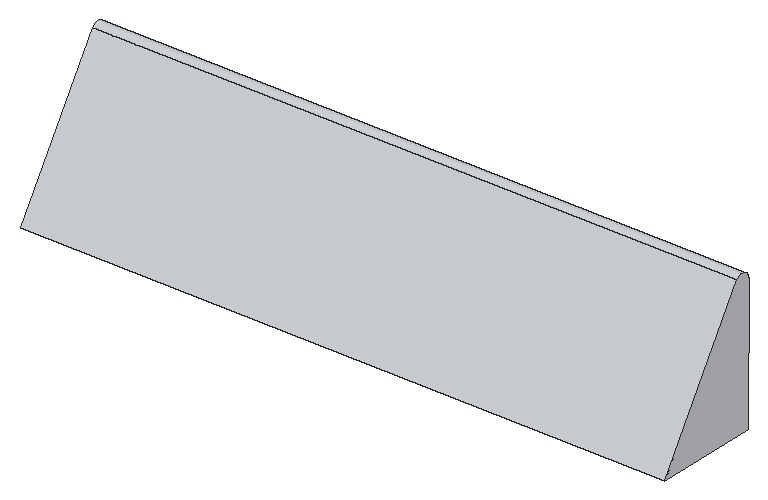
Revit family "rba-bim-rba8121-100", category Plumbing Fixtures, host Face, Revit 2015
Parameters (values of type "RBA8121-100 Front Fixed")
  Waste Connection = no
  Vent Connection = no
  SIZE DEPTH = 100
  SIZE  WIDTH = 406
  URL = "http://www.rba.com.au/catalogue/category/shelves/"
  Type Comments = ""
  Tempered Water Connection = no
  Phone Number = "1300 788 778"
  Modified Issue = "20161017.01"
  Model = "RBA8121-100"
  Material = Stainless Steel
  Manufacturer = "RBA Group"
  SIZE LENGTH = 63
  HW Connection = no
  Description = "Security Stainless Steel Shelf - Front Fixed"
  Default Elevation = 0.00 mm
  Copyright by = "RBA Group"
  CW Connection = no
  Assembly Code = ""
Types (3, lengths in mm): name | Model | Description
  (no name) | "RBA8121-100" | "Security Stainless Steel Shelf - Front Fixed"
  RBA8121-100 Front Fixed | "RBA8121-100" | "Security Stainless Steel Shelf - Front Fixed"
  RBA8121-144 Rear Fixed | "RBA8121-144" | "Security Stainless Steel Shelf - Fixed from Rear"
Reference planes
  plane 1 "Center (Front/Back)": y = 0
  plane 2: z = 0
  plane 3 "Center (Left/Right)": x = 0
  plane 4: y = -33.02
Forms (mm)
  Extrusion 1, solid
    sketch origin (-68.423, 0, 181.577) x (0, 0, -1) y (0, 1, 0)
      loop
        line (181.577, 0) -> (96.085, 0)
        arc (96.085, 0) -> (91.507, -3.418) -> (93.483, -8.779) r 4.775
        line (93.483, -8.779) -> (181.577, -66.04) -> (181.577, 0)
    from -134.777 to 271.623
  Revolve 2, void
    sketch origin (0, -33.016, 19.55) x (1, 0, 0) y (0, 0, 1)
      loop
        line (0, 3.316) -> (0, -19.55) -> (6.35, -19.55) -> (6.35, -0.5) -> (0, 3.316)
      axis (0, 3.316) -> (0, -19.55)
    angle from 0 to 360
  Revolve 3, void
    sketch origin (-177.8, -33.02, 19.55) x (1, 0, 0) y (0, 0, 1)
      loop
        line (0, 3.316) -> (0, -19.55) -> (6.35, -19.55) -> (6.35, -0.5) -> (0, 3.316)
      axis (0, 3.316) -> (0, -19.55)
    angle from 0 to 360
  Revolve 4, void
    sketch origin (177.8, -33.02, 19.55) x (-1, 0, 0) y (0, 0, -1)
      loop
        line (0, -3.316) -> (6.35, 0.5) -> (6.35, 19.55) -> (0, 19.55) -> (0, -3.316)
      axis (0, -3.316) -> (0, 19.55)
    angle from 0 to 360
Cuts and joins
  Revolve 2, Revolve 3, Revolve 4 cuts Extrusion 1
Dimensions and locks
  aligned and locked: plane 2 to host face
  aligned and locked: level to host face
